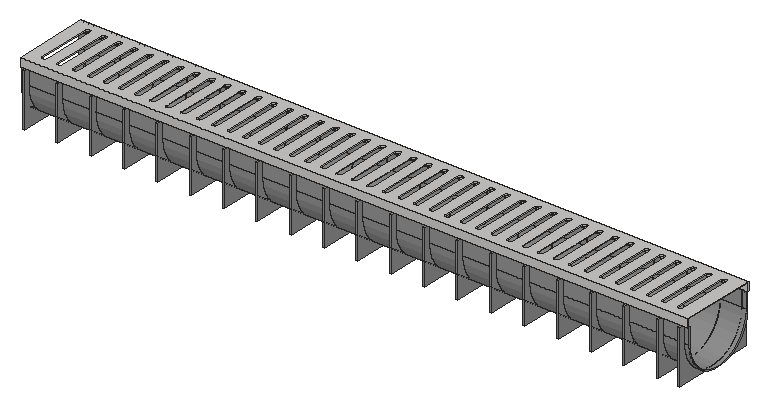
Revit family "PX_SEQ-EXT-Surface-4All-Channel_And_Galv-Steel-Grate-1m_PC033098", category Plumbing Fixtures, Revit 2016
Family settings
  Part Type = Normal
  Round Connector Dimension = Use Diameter
  Work Plane-Based = No
  Always vertical = Yes
  Cut with Voids When Loaded = No
  Shared = No
  Room Calculation Point = No
Parameters (values of type "SEAQUAL 4All Channel & Galv Steel Grate 1m PC 033098")
  URL = "https://seaqual.co.za/collections/external-surface-drains/products/4all-channel-galvanised-steel-grate-1m-only"
  Type Comments = "4All Channel & Galv Steel Grate 1m"
  Tolani Civil Projects cc URL = "http://www.tcpbim.co.za"
  SS = SS
  PVC Black = PVC Black
  Note = "4All Channel & Grate 1m is perfect for selection in areas where a 3m Garage Pack would not be sufficient such as patios & \"stoeps\", around swimming pools & along garden / pedestrian pathways longer than three running meters. The loose Channels & Grates also carry vehicular weight up to 1.5T.\r\n\r\nGrate options include Black HD-PE and Galvanised Steel."
  Model = "033098"
  Manufacturer = "Seaqual"
  Made By = "Tolani Civil Projects cc"
Reference planes
  plane 1 "Center (Front/Back)": y = 0
  plane 2: z = 0
  plane 3 "Center (Left/Right)": x = 0
  plane 4: z = 12.6
  plane 5: y = 57
  plane 6: y = -57
  plane 7: x = 33.023
  plane 8: y = -40
  plane 9: y = 40
  plane 10: x = 9.767
  plane 11: x = -13.488
  plane 12: x = -36.744
  plane 13: z = -22.9
  plane 14: x = -60
  plane 15: x = 940
  plane 16: x = 102.791
  plane 17: x = 79.535
  plane 18: x = 56.279
  plane 19: x = 172.558
  plane 20: x = 149.302
  plane 21: x = 126.047
  plane 22: x = 242.326
  plane 23: x = 219.07
  plane 24: x = 195.814
  plane 25: x = 312.093
  plane 26: x = 288.837
  plane 27: x = 265.581
  plane 28: x = 381.86
  plane 29: x = 358.605
  plane 30: x = 335.349
  plane 31: x = 451.628
  plane 32: x = 428.372
  plane 33: x = 405.116
  plane 34: x = 521.395
  plane 35: x = 498.14
  plane 36: x = 474.884
  plane 37: x = 591.163
  plane 38: x = 567.907
  plane 39: x = 544.651
  plane 40: x = 660.93
  plane 41: x = 637.674
  plane 42: x = 614.419
  plane 43: x = 730.698
  plane 44: x = 707.442
  plane 45: x = 684.186
  plane 46: x = 800.465
  plane 47: x = 777.209
  plane 48: x = 753.953
  plane 49: x = 870.233
  plane 50: x = 846.977
  plane 51: x = 823.721
  plane 52: x = 916.744
  plane 53: x = 893.488
  plane 54: x = -52.5
  plane 55: x = 932.5
  plane 56: x = -49.552
  plane 57: x = -2.5
  plane 58: x = 0.448
  plane 59: x = 47.5
  plane 60: x = 50.448
  plane 61: x = 97.5
  plane 62: x = 100.448
  plane 63: x = 147.5
  plane 64: x = 150.448
  plane 65: x = 197.5
  plane 66: x = 200.448
  plane 67: x = 247.5
  plane 68: x = 250.448
  plane 69: x = 297.5
  plane 70: x = 300.448
  plane 71: x = 347.5
  plane 72: x = 350.448
  plane 73: x = 397.5
  plane 74: x = 400.448
  plane 75: x = 447.5
  plane 76: x = 450.448
  plane 77: x = 497.5
  plane 78: x = 500.448
  plane 79: x = 547.5
  plane 80: x = 550.448
  plane 81: x = 597.5
  plane 82: x = 600.448
  plane 83: x = 647.5
  plane 84: x = 650.448
  plane 85: x = 697.5
  plane 86: x = 700.448
  plane 87: x = 747.5
  plane 88: x = 750.448
  plane 89: x = 797.5
  plane 90: x = 800.448
  plane 91: x = 847.5
  plane 92: x = 850.448
  plane 93: x = 897.5
  plane 94: x = 900.448
  plane 95: x = 929.552
  plane 96: x = 932.5
Forms (mm)
  Extrusion 1, solid, material "SS" <- "SS"
    sketch origin (0, 0, 0) x (0, 1, 0) y (0, 0, 1)
      loop
        line (-57, 12.6) -> (-57, 0) -> (-56, 0) -> (-56, 11.6) -> (56, 11.6) -> (56, 0) -> (57, 0) -> (57, 12.6) -> (-57, 12.6)
    from -60 to 940
  Extrusion 2, void
    sketch origin (0, 0, 0) x (1, 0, 0) y (0, 1, 0)
      loop
        arc (37.023, 40) -> (33.023, 44) -> (29.023, 40) r 4
        line (29.023, 40) -> (29.023, -40)
        arc (29.023, -40) -> (33.023, -44) -> (37.023, -40) r 4
        line (37.023, -40) -> (37.023, 40)
      loop
        arc (13.767, 40) -> (9.767, 44) -> (5.767, 40) r 4
        line (5.767, 40) -> (5.767, -40)
        arc (5.767, -40) -> (9.767, -44) -> (13.767, -40) r 4
        line (13.767, -40) -> (13.767, 40)
      loop
        arc (-9.488, 40) -> (-13.488, 44) -> (-17.488, 40) r 4
        line (-17.488, 40) -> (-17.488, -40)
        arc (-17.488, -40) -> (-13.488, -44) -> (-9.488, -40) r 4
        line (-9.488, -40) -> (-9.488, 40)
      loop
        arc (-32.744, 40) -> (-36.744, 44) -> (-40.744, 40) r 4
        line (-40.744, 40) -> (-40.744, -40)
        arc (-40.744, -40) -> (-36.744, -44) -> (-32.744, -40) r 4
        line (-32.744, -40) -> (-32.744, 40)
      loop
        arc (106.791, 40) -> (102.791, 44) -> (98.791, 40) r 4
        line (98.791, 40) -> (98.791, -40)
        arc (98.791, -40) -> (102.791, -44) -> (106.791, -40) r 4
        line (106.791, -40) -> (106.791, 40)
      loop
        arc (83.535, 40) -> (79.535, 44) -> (75.535, 40) r 4
        line (75.535, 40) -> (75.535, -40)
        arc (75.535, -40) -> (79.535, -44) -> (83.535, -40) r 4
        line (83.535, -40) -> (83.535, 40)
      loop
        arc (60.279, 40) -> (56.279, 44) -> (52.279, 40) r 4
        line (52.279, 40) -> (52.279, -40)
        arc (52.279, -40) -> (56.279, -44) -> (60.279, -40) r 4
        line (60.279, -40) -> (60.279, 40)
      loop
        arc (176.558, 40) -> (172.558, 44) -> (168.558, 40) r 4
        line (168.558, 40) -> (168.558, -40)
        arc (168.558, -40) -> (172.558, -44) -> (176.558, -40) r 4
        line (176.558, -40) -> (176.558, 40)
      loop
        arc (153.302, 40) -> (149.302, 44) -> (145.302, 40) r 4
        line (145.302, 40) -> (145.302, -40)
        arc (145.302, -40) -> (149.302, -44) -> (153.302, -40) r 4
        line (153.302, -40) -> (153.302, 40)
      loop
        arc (130.047, 40) -> (126.047, 44) -> (122.047, 40) r 4
        line (122.047, 40) -> (122.047, -40)
        arc (122.047, -40) -> (126.047, -44) -> (130.047, -40) r 4
        line (130.047, -40) -> (130.047, 40)
      loop
        arc (246.326, 40) -> (242.326, 44) -> (238.326, 40) r 4
        line (238.326, 40) -> (238.326, -40)
        arc (238.326, -40) -> (242.326, -44) -> (246.326, -40) r 4
        line (246.326, -40) -> (246.326, 40)
      loop
        arc (223.07, 40) -> (219.07, 44) -> (215.07, 40) r 4
        line (215.07, 40) -> (215.07, -40)
        arc (215.07, -40) -> (219.07, -44) -> (223.07, -40) r 4
        line (223.07, -40) -> (223.07, 40)
      loop
        arc (199.814, 40) -> (195.814, 44) -> (191.814, 40) r 4
        line (191.814, 40) -> (191.814, -40)
        arc (191.814, -40) -> (195.814, -44) -> (199.814, -40) r 4
        line (199.814, -40) -> (199.814, 40)
      loop
        arc (316.093, 40) -> (312.093, 44) -> (308.093, 40) r 4
        line (308.093, 40) -> (308.093, -40)
        arc (308.093, -40) -> (312.093, -44) -> (316.093, -40) r 4
        line (316.093, -40) -> (316.093, 40)
      loop
        arc (292.837, 40) -> (288.837, 44) -> (284.837, 40) r 4
        line (284.837, 40) -> (284.837, -40)
        arc (284.837, -40) -> (288.837, -44) -> (292.837, -40) r 4
        line (292.837, -40) -> (292.837, 40)
      loop
        arc (269.581, 40) -> (265.581, 44) -> (261.581, 40) r 4
        line (261.581, 40) -> (261.581, -40)
        arc (261.581, -40) -> (265.581, -44) -> (269.581, -40) r 4
        line (269.581, -40) -> (269.581, 40)
      loop
        arc (385.86, 40) -> (381.86, 44) -> (377.86, 40) r 4
        line (377.86, 40) -> (377.86, -40)
        arc (377.86, -40) -> (381.86, -44) -> (385.86, -40) r 4
        line (385.86, -40) -> (385.86, 40)
      loop
        arc (362.605, 40) -> (358.605, 44) -> (354.605, 40) r 4
        line (354.605, 40) -> (354.605, -40)
        arc (354.605, -40) -> (358.605, -44) -> (362.605, -40) r 4
        line (362.605, -40) -> (362.605, 40)
      loop
        arc (339.349, 40) -> (335.349, 44) -> (331.349, 40) r 4
        line (331.349, 40) -> (331.349, -40)
        arc (331.349, -40) -> (335.349, -44) -> (339.349, -40) r 4
        line (339.349, -40) -> (339.349, 40)
      loop
        arc (455.628, 40) -> (451.628, 44) -> (447.628, 40) r 4
        line (447.628, 40) -> (447.628, -40)
        arc (447.628, -40) -> (451.628, -44) -> (455.628, -40) r 4
        line (455.628, -40) -> (455.628, 40)
      loop
        arc (432.372, 40) -> (428.372, 44) -> (424.372, 40) r 4
        line (424.372, 40) -> (424.372, -40)
        arc (424.372, -40) -> (428.372, -44) -> (432.372, -40) r 4
        line (432.372, -40) -> (432.372, 40)
      loop
        arc (409.116, 40) -> (405.116, 44) -> (401.116, 40) r 4
        line (401.116, 40) -> (401.116, -40)
        arc (401.116, -40) -> (405.116, -44) -> (409.116, -40) r 4
        line (409.116, -40) -> (409.116, 40)
      loop
        arc (525.395, 40) -> (521.395, 44) -> (517.395, 40) r 4
        line (517.395, 40) -> (517.395, -40)
        arc (517.395, -40) -> (521.395, -44) -> (525.395, -40) r 4
        line (525.395, -40) -> (525.395, 40)
      loop
        arc (502.14, 40) -> (498.14, 44) -> (494.14, 40) r 4
        line (494.14, 40) -> (494.14, -40)
        arc (494.14, -40) -> (498.14, -44) -> (502.14, -40) r 4
        line (502.14, -40) -> (502.14, 40)
      loop
        arc (478.884, 40) -> (474.884, 44) -> (470.884, 40) r 4
        line (470.884, 40) -> (470.884, -40)
        arc (470.884, -40) -> (474.884, -44) -> (478.884, -40) r 4
        line (478.884, -40) -> (478.884, 40)
      loop
        arc (595.163, 40) -> (591.163, 44) -> (587.163, 40) r 4
        line (587.163, 40) -> (587.163, -40)
        arc (587.163, -40) -> (591.163, -44) -> (595.163, -40) r 4
        line (595.163, -40) -> (595.163, 40)
      loop
        arc (571.907, 40) -> (567.907, 44) -> (563.907, 40) r 4
        line (563.907, 40) -> (563.907, -40)
        arc (563.907, -40) -> (567.907, -44) -> (571.907, -40) r 4
        line (571.907, -40) -> (571.907, 40)
      loop
        arc (548.651, 40) -> (544.651, 44) -> (540.651, 40) r 4
        line (540.651, 40) -> (540.651, -40)
        arc (540.651, -40) -> (544.651, -44) -> (548.651, -40) r 4
        line (548.651, -40) -> (548.651, 40)
      loop
        arc (664.93, 40) -> (660.93, 44) -> (656.93, 40) r 4
        line (656.93, 40) -> (656.93, -40)
        arc (656.93, -40) -> (660.93, -44) -> (664.93, -40) r 4
        line (664.93, -40) -> (664.93, 40)
      loop
        arc (641.674, 40) -> (637.674, 44) -> (633.674, 40) r 4
        line (633.674, 40) -> (633.674, -40)
        arc (633.674, -40) -> (637.674, -44) -> (641.674, -40) r 4
        line (641.674, -40) -> (641.674, 40)
      loop
        arc (618.419, 40) -> (614.419, 44) -> (610.419, 40) r 4
        line (610.419, 40) -> (610.419, -40)
        arc (610.419, -40) -> (614.419, -44) -> (618.419, -40) r 4
        line (618.419, -40) -> (618.419, 40)
      loop
        arc (734.698, 40) -> (730.698, 44) -> (726.698, 40) r 4
        line (726.698, 40) -> (726.698, -40)
        arc (726.698, -40) -> (730.698, -44) -> (734.698, -40) r 4
        line (734.698, -40) -> (734.698, 40)
      loop
        arc (711.442, 40) -> (707.442, 44) -> (703.442, 40) r 4
        line (703.442, 40) -> (703.442, -40)
        arc (703.442, -40) -> (707.442, -44) -> (711.442, -40) r 4
        line (711.442, -40) -> (711.442, 40)
      loop
        arc (688.186, 40) -> (684.186, 44) -> (680.186, 40) r 4
        line (680.186, 40) -> (680.186, -40)
        arc (680.186, -40) -> (684.186, -44) -> (688.186, -40) r 4
        line (688.186, -40) -> (688.186, 40)
      loop
        arc (804.465, 40) -> (800.465, 44) -> (796.465, 40) r 4
        line (796.465, 40) -> (796.465, -40)
        arc (796.465, -40) -> (800.465, -44) -> (804.465, -40) r 4
        line (804.465, -40) -> (804.465, 40)
      loop
        arc (781.209, 40) -> (777.209, 44) -> (773.209, 40) r 4
        line (773.209, 40) -> (773.209, -40)
        arc (773.209, -40) -> (777.209, -44) -> (781.209, -40) r 4
        line (781.209, -40) -> (781.209, 40)
      loop
        arc (757.953, 40) -> (753.953, 44) -> (749.953, 40) r 4
        line (749.953, 40) -> (749.953, -40)
        arc (749.953, -40) -> (753.953, -44) -> (757.953, -40) r 4
        line (757.953, -40) -> (757.953, 40)
      loop
        arc (874.233, 40) -> (870.233, 44) -> (866.233, 40) r 4
        line (866.233, 40) -> (866.233, -40)
        arc (866.233, -40) -> (870.233, -44) -> (874.233, -40) r 4
        line (874.233, -40) -> (874.233, 40)
      loop
        arc (850.977, 40) -> (846.977, 44) -> (842.977, 40) r 4
        line (842.977, 40) -> (842.977, -40)
        arc (842.977, -40) -> (846.977, -44) -> (850.977, -40) r 4
        line (850.977, -40) -> (850.977, 40)
      loop
        arc (827.721, 40) -> (823.721, 44) -> (819.721, 40) r 4
        line (819.721, 40) -> (819.721, -40)
        arc (819.721, -40) -> (823.721, -44) -> (827.721, -40) r 4
        line (827.721, -40) -> (827.721, 40)
      loop
        arc (920.744, 40) -> (916.744, 44) -> (912.744, 40) r 4
        line (912.744, 40) -> (912.744, -40)
        arc (912.744, -40) -> (916.744, -44) -> (920.744, -40) r 4
        line (920.744, -40) -> (920.744, 40)
      loop
        arc (897.488, 40) -> (893.488, 44) -> (889.488, 40) r 4
        line (889.488, 40) -> (889.488, -40)
        arc (889.488, -40) -> (893.488, -44) -> (897.488, -40) r 4
        line (897.488, -40) -> (897.488, 40)
    from 11.6 to 12.6
  Extrusion 3, solid, material "PVC Black" <- "PVC Black"
    sketch origin (0, 0, 0) x (0, 1, 0) y (0, 0, 1)
      loop
        arc (-54.5, -22.9) -> (0, -77.4) -> (54.5, -22.9) r 54.5
        line (54.5, -22.9) -> (54.5, 0) -> (53.5, 0) -> (53.5, -22.9)
        arc (53.5, -22.9) -> (0, -76.4) -> (-53.5, -22.9) r 53.5
        line (-53.5, -22.9) -> (-53.5, 0) -> (-54.5, 0) -> (-54.5, -22.9)
    from -60 to 940
  Extrusion 4, solid, material "PVC Black" <- "PVC Black"
    sketch origin (0, 0, 0) x (0, 1, 0) y (0, 0, 1)
      loop
        line (62, -78.732) -> (62, 0) -> (54.5, 0) -> (54.5, -22.9)
        arc (54.5, -22.9) -> (0, -77.4) -> (-54.5, -22.9) r 54.5
        line (-54.5, -22.9) -> (-54.5, 0) -> (-62, 0) -> (-62, -78.732) -> (62, -78.732)
    from -52.5 to -49.552
  Extrusion 5, solid, material "PVC Black" <- "PVC Black"
    sketch origin (50, 0, 0) x (0, 1, 0) y (0, 0, 1)
      loop
        line (62, -78.732) -> (62, 0) -> (54.5, 0) -> (54.5, -22.9)
        arc (54.5, -22.9) -> (0, -77.4) -> (-54.5, -22.9) r 54.5
        line (-54.5, -22.9) -> (-54.5, 0) -> (-62, 0) -> (-62, -78.732) -> (62, -78.732)
    from -52.5 to -49.552
  Extrusion 6, solid, material "PVC Black" <- "PVC Black"
    sketch origin (100, 0, 0) x (0, 1, 0) y (0, 0, 1)
      loop
        line (62, -78.732) -> (62, 0) -> (54.5, 0) -> (54.5, -22.9)
        arc (54.5, -22.9) -> (0, -77.4) -> (-54.5, -22.9) r 54.5
        line (-54.5, -22.9) -> (-54.5, 0) -> (-62, 0) -> (-62, -78.732) -> (62, -78.732)
    from -52.5 to -49.552
  Extrusion 7, solid, material "PVC Black" <- "PVC Black"
    sketch origin (150, 0, 0) x (0, 1, 0) y (0, 0, 1)
      loop
        line (62, -78.732) -> (62, 0) -> (54.5, 0) -> (54.5, -22.9)
        arc (54.5, -22.9) -> (0, -77.4) -> (-54.5, -22.9) r 54.5
        line (-54.5, -22.9) -> (-54.5, 0) -> (-62, 0) -> (-62, -78.732) -> (62, -78.732)
    from -52.5 to -49.552
  Extrusion 8, solid, material "PVC Black" <- "PVC Black"
    sketch origin (200, 0, 0) x (0, 1, 0) y (0, 0, 1)
      loop
        line (62, -78.732) -> (62, 0) -> (54.5, 0) -> (54.5, -22.9)
        arc (54.5, -22.9) -> (0, -77.4) -> (-54.5, -22.9) r 54.5
        line (-54.5, -22.9) -> (-54.5, 0) -> (-62, 0) -> (-62, -78.732) -> (62, -78.732)
    from -52.5 to -49.552
  Extrusion 9, solid, material "PVC Black" <- "PVC Black"
    sketch origin (250, 0, 0) x (0, 1, 0) y (0, 0, 1)
      loop
        line (62, -78.732) -> (62, 0) -> (54.5, 0) -> (54.5, -22.9)
        arc (54.5, -22.9) -> (0, -77.4) -> (-54.5, -22.9) r 54.5
        line (-54.5, -22.9) -> (-54.5, 0) -> (-62, 0) -> (-62, -78.732) -> (62, -78.732)
    from -52.5 to -49.552
  Extrusion 10, solid, material "PVC Black" <- "PVC Black"
    sketch origin (300, 0, 0) x (0, 1, 0) y (0, 0, 1)
      loop
        line (62, -78.732) -> (62, 0) -> (54.5, 0) -> (54.5, -22.9)
        arc (54.5, -22.9) -> (0, -77.4) -> (-54.5, -22.9) r 54.5
        line (-54.5, -22.9) -> (-54.5, 0) -> (-62, 0) -> (-62, -78.732) -> (62, -78.732)
    from -52.5 to -49.552
  Extrusion 11, solid, material "PVC Black" <- "PVC Black"
    sketch origin (350, 0, 0) x (0, 1, 0) y (0, 0, 1)
      loop
        line (62, -78.732) -> (62, 0) -> (54.5, 0) -> (54.5, -22.9)
        arc (54.5, -22.9) -> (0, -77.4) -> (-54.5, -22.9) r 54.5
        line (-54.5, -22.9) -> (-54.5, 0) -> (-62, 0) -> (-62, -78.732) -> (62, -78.732)
    from -52.5 to -49.552
  Extrusion 12, solid, material "PVC Black" <- "PVC Black"
    sketch origin (400, 0, 0) x (0, 1, 0) y (0, 0, 1)
      loop
        line (62, -78.732) -> (62, 0) -> (54.5, 0) -> (54.5, -22.9)
        arc (54.5, -22.9) -> (0, -77.4) -> (-54.5, -22.9) r 54.5
        line (-54.5, -22.9) -> (-54.5, 0) -> (-62, 0) -> (-62, -78.732) -> (62, -78.732)
    from -52.5 to -49.552
  Extrusion 13, solid, material "PVC Black" <- "PVC Black"
    sketch origin (450, 0, 0) x (0, 1, 0) y (0, 0, 1)
      loop
        line (62, -78.732) -> (62, 0) -> (54.5, 0) -> (54.5, -22.9)
        arc (54.5, -22.9) -> (0, -77.4) -> (-54.5, -22.9) r 54.5
        line (-54.5, -22.9) -> (-54.5, 0) -> (-62, 0) -> (-62, -78.732) -> (62, -78.732)
    from -52.5 to -49.552
  Extrusion 14, solid, material "PVC Black" <- "PVC Black"
    sketch origin (500, 0, 0) x (0, 1, 0) y (0, 0, 1)
      loop
        line (62, -78.732) -> (62, 0) -> (54.5, 0) -> (54.5, -22.9)
        arc (54.5, -22.9) -> (0, -77.4) -> (-54.5, -22.9) r 54.5
        line (-54.5, -22.9) -> (-54.5, 0) -> (-62, 0) -> (-62, -78.732) -> (62, -78.732)
    from -52.5 to -49.552
  Extrusion 15, solid, material "PVC Black" <- "PVC Black"
    sketch origin (550, 0, 0) x (0, 1, 0) y (0, 0, 1)
      loop
        line (62, -78.732) -> (62, 0) -> (54.5, 0) -> (54.5, -22.9)
        arc (54.5, -22.9) -> (0, -77.4) -> (-54.5, -22.9) r 54.5
        line (-54.5, -22.9) -> (-54.5, 0) -> (-62, 0) -> (-62, -78.732) -> (62, -78.732)
    from -52.5 to -49.552
  Extrusion 16, solid, material "PVC Black" <- "PVC Black"
    sketch origin (600, 0, 0) x (0, 1, 0) y (0, 0, 1)
      loop
        line (62, -78.732) -> (62, 0) -> (54.5, 0) -> (54.5, -22.9)
        arc (54.5, -22.9) -> (0, -77.4) -> (-54.5, -22.9) r 54.5
        line (-54.5, -22.9) -> (-54.5, 0) -> (-62, 0) -> (-62, -78.732) -> (62, -78.732)
    from -52.5 to -49.552
  Extrusion 17, solid, material "PVC Black" <- "PVC Black"
    sketch origin (650, 0, 0) x (0, 1, 0) y (0, 0, 1)
      loop
        line (62, -78.732) -> (62, 0) -> (54.5, 0) -> (54.5, -22.9)
        arc (54.5, -22.9) -> (0, -77.4) -> (-54.5, -22.9) r 54.5
        line (-54.5, -22.9) -> (-54.5, 0) -> (-62, 0) -> (-62, -78.732) -> (62, -78.732)
    from -52.5 to -49.552
  Extrusion 18, solid, material "PVC Black" <- "PVC Black"
    sketch origin (700, 0, 0) x (0, 1, 0) y (0, 0, 1)
      loop
        line (62, -78.732) -> (62, 0) -> (54.5, 0) -> (54.5, -22.9)
        arc (54.5, -22.9) -> (0, -77.4) -> (-54.5, -22.9) r 54.5
        line (-54.5, -22.9) -> (-54.5, 0) -> (-62, 0) -> (-62, -78.732) -> (62, -78.732)
    from -52.5 to -49.552
  Extrusion 19, solid, material "PVC Black" <- "PVC Black"
    sketch origin (750, 0, 0) x (0, 1, 0) y (0, 0, 1)
      loop
        line (62, -78.732) -> (62, 0) -> (54.5, 0) -> (54.5, -22.9)
        arc (54.5, -22.9) -> (0, -77.4) -> (-54.5, -22.9) r 54.5
        line (-54.5, -22.9) -> (-54.5, 0) -> (-62, 0) -> (-62, -78.732) -> (62, -78.732)
    from -52.5 to -49.552
  Extrusion 20, solid, material "PVC Black" <- "PVC Black"
    sketch origin (800, 0, 0) x (0, 1, 0) y (0, 0, 1)
      loop
        line (62, -78.732) -> (62, 0) -> (54.5, 0) -> (54.5, -22.9)
        arc (54.5, -22.9) -> (0, -77.4) -> (-54.5, -22.9) r 54.5
        line (-54.5, -22.9) -> (-54.5, 0) -> (-62, 0) -> (-62, -78.732) -> (62, -78.732)
    from -52.5 to -49.552
  Extrusion 21, solid, material "PVC Black" <- "PVC Black"
    sketch origin (850, 0, 0) x (0, 1, 0) y (0, 0, 1)
      loop
        line (62, -78.732) -> (62, 0) -> (54.5, 0) -> (54.5, -22.9)
        arc (54.5, -22.9) -> (0, -77.4) -> (-54.5, -22.9) r 54.5
        line (-54.5, -22.9) -> (-54.5, 0) -> (-62, 0) -> (-62, -78.732) -> (62, -78.732)
    from -52.5 to -49.552
  Extrusion 22, solid, material "PVC Black" <- "PVC Black"
    sketch origin (900, 0, 0) x (0, 1, 0) y (0, 0, 1)
      loop
        line (62, -78.732) -> (62, 0) -> (54.5, 0) -> (54.5, -22.9)
        arc (54.5, -22.9) -> (0, -77.4) -> (-54.5, -22.9) r 54.5
        line (-54.5, -22.9) -> (-54.5, 0) -> (-62, 0) -> (-62, -78.732) -> (62, -78.732)
    from -52.5 to -49.552
  Extrusion 23, solid, material "PVC Black" <- "PVC Black"
    sketch origin (950, 0, 0) x (0, 1, 0) y (0, 0, 1)
      loop
        line (62, -78.732) -> (62, 0) -> (54.5, 0) -> (54.5, -22.9)
        arc (54.5, -22.9) -> (0, -77.4) -> (-54.5, -22.9) r 54.5
        line (-54.5, -22.9) -> (-54.5, 0) -> (-62, 0) -> (-62, -78.732) -> (62, -78.732)
    from -52.5 to -49.552
  Extrusion 24, solid, material "PVC Black" <- "PVC Black"
    sketch origin (1000, 0, 0) x (0, 1, 0) y (0, 0, 1)
      loop
        line (62, -78.732) -> (62, 0) -> (54.5, 0) -> (54.5, -22.9)
        arc (54.5, -22.9) -> (0, -77.4) -> (-54.5, -22.9) r 54.5
        line (-54.5, -22.9) -> (-54.5, 0) -> (-62, 0) -> (-62, -78.732) -> (62, -78.732)
    from -70.448 to -67.5
Cuts and joins
  Extrusion 2 cuts Extrusion 1
Dimensions and locks
  plane 5 to plane 1 "Center (Front/Back)" to plane 6 = 57 mm locked, 57 mm locked
  locked: plane 4 to level at 12.6
  plane 5 to Extrusion 1 sketch curve to Extrusion 1 sketch curve to plane 6 = 1 mm locked, 112 mm locked, 1 mm locked
  locked: Extrusion 1 sketch curve to plane 4 at 1
  Extrusion 2 sketch curve to plane 7 to Extrusion 2 sketch curve = 4 mm locked, 4 mm locked
  Extrusion 2 sketch curve to plane 10 to Extrusion 2 sketch curve = 4 mm locked, 4 mm locked
  Extrusion 2 sketch curve to plane 11 to Extrusion 2 sketch curve = 4 mm locked, 4 mm locked
  Extrusion 2 sketch curve to plane 12 to Extrusion 2 sketch curve = 4 mm locked, 4 mm locked
  locked: level to plane 13 at 22.9
  Extrusion 3 sketch curve to Extrusion 3 sketch curve to plane 1 "Center (Front/Back)" to Extrusion 3 sketch curve to Extrusion 3 sketch curve = 1 mm locked, 53.5 mm locked, 53.5 mm locked, 1 mm locked
  locked: plane 3 "Center (Left/Right)" to plane 14 at 60
  locked: plane 15 to plane 14 at 1000
  Extrusion 2 sketch curve to plane 16 to Extrusion 2 sketch curve = 4 mm locked, 4 mm locked
  Extrusion 2 sketch curve to plane 17 to Extrusion 2 sketch curve = 4 mm locked, 4 mm locked
  Extrusion 2 sketch curve to plane 18 to Extrusion 2 sketch curve = 4 mm locked, 4 mm locked
  Extrusion 2 sketch curve to plane 19 to Extrusion 2 sketch curve = 4 mm locked, 4 mm locked
  Extrusion 2 sketch curve to plane 20 to Extrusion 2 sketch curve = 4 mm locked, 4 mm locked
  Extrusion 2 sketch curve to plane 21 to Extrusion 2 sketch curve = 4 mm locked, 4 mm locked
  Extrusion 2 sketch curve to plane 22 to Extrusion 2 sketch curve = 4 mm locked, 4 mm locked
  Extrusion 2 sketch curve to plane 23 to Extrusion 2 sketch curve = 4 mm locked, 4 mm locked
  Extrusion 2 sketch curve to plane 24 to Extrusion 2 sketch curve = 4 mm locked, 4 mm locked
  Extrusion 2 sketch curve to plane 25 to Extrusion 2 sketch curve = 4 mm locked, 4 mm locked
  Extrusion 2 sketch curve to plane 26 to Extrusion 2 sketch curve = 4 mm locked, 4 mm locked
  Extrusion 2 sketch curve to plane 27 to Extrusion 2 sketch curve = 4 mm locked, 4 mm locked
  Extrusion 2 sketch curve to plane 28 to Extrusion 2 sketch curve = 4 mm locked, 4 mm locked
  Extrusion 2 sketch curve to plane 29 to Extrusion 2 sketch curve = 4 mm locked, 4 mm locked
  Extrusion 2 sketch curve to plane 30 to Extrusion 2 sketch curve = 4 mm locked, 4 mm locked
  Extrusion 2 sketch curve to plane 31 to Extrusion 2 sketch curve = 4 mm locked, 4 mm locked
  Extrusion 2 sketch curve to plane 32 to Extrusion 2 sketch curve = 4 mm locked, 4 mm locked
  Extrusion 2 sketch curve to plane 33 to Extrusion 2 sketch curve = 4 mm locked, 4 mm locked
  Extrusion 2 sketch curve to plane 34 to Extrusion 2 sketch curve = 4 mm locked, 4 mm locked
  Extrusion 2 sketch curve to plane 35 to Extrusion 2 sketch curve = 4 mm locked, 4 mm locked
  Extrusion 2 sketch curve to plane 36 to Extrusion 2 sketch curve = 4 mm locked, 4 mm locked
  Extrusion 2 sketch curve to plane 37 to Extrusion 2 sketch curve = 4 mm locked, 4 mm locked
  Extrusion 2 sketch curve to plane 38 to Extrusion 2 sketch curve = 4 mm locked, 4 mm locked
  Extrusion 2 sketch curve to plane 39 to Extrusion 2 sketch curve = 4 mm locked, 4 mm locked
  Extrusion 2 sketch curve to plane 40 to Extrusion 2 sketch curve = 4 mm locked, 4 mm locked
  Extrusion 2 sketch curve to plane 41 to Extrusion 2 sketch curve = 4 mm locked, 4 mm locked
  Extrusion 2 sketch curve to plane 42 to Extrusion 2 sketch curve = 4 mm locked, 4 mm locked
  Extrusion 2 sketch curve to plane 43 to Extrusion 2 sketch curve = 4 mm locked, 4 mm locked
  Extrusion 2 sketch curve to plane 44 to Extrusion 2 sketch curve = 4 mm locked, 4 mm locked
  Extrusion 2 sketch curve to plane 45 to Extrusion 2 sketch curve = 4 mm locked, 4 mm locked
  Extrusion 2 sketch curve to plane 46 to Extrusion 2 sketch curve = 4 mm locked, 4 mm locked
  Extrusion 2 sketch curve to plane 47 to Extrusion 2 sketch curve = 4 mm locked, 4 mm locked
  Extrusion 2 sketch curve to plane 48 to Extrusion 2 sketch curve = 4 mm locked, 4 mm locked
  Extrusion 2 sketch curve to plane 49 to Extrusion 2 sketch curve = 4 mm locked, 4 mm locked
  Extrusion 2 sketch curve to plane 50 to Extrusion 2 sketch curve = 4 mm locked, 4 mm locked
  Extrusion 2 sketch curve to plane 51 to Extrusion 2 sketch curve = 4 mm locked, 4 mm locked
  Extrusion 2 sketch curve to plane 52 to Extrusion 2 sketch curve = 4 mm locked, 4 mm locked
  Extrusion 2 sketch curve to plane 53 to Extrusion 2 sketch curve = 4 mm locked, 4 mm locked
  equal spacing: plane 14, plane 12, plane 11, plane 10, plane 7, plane 18, plane 17, plane 16, plane 21, plane 20, plane 19, plane 24, plane 23, plane 22, plane 27, plane 26, plane 25, plane 30, plane 29, plane 28, plane 33, plane 32, plane 31, plane 36, plane 35, plane 34, plane 39, plane 38, plane 37, plane 42, plane 41, plane 40, plane 45, plane 44, plane 43, plane 48, plane 47, plane 46, plane 51, plane 50, plane 49, plane 53, plane 52, plane 15
  locked: cut or joined group of Extrusion 1, Extrusion 2 to Extrusion 4 sketch curve at 91.332
  locked: Extrusion 3 to Extrusion 4 sketch curve at 7.5
  locked: Extrusion 4 sketch curve to Extrusion 3 at 7.5
  locked: plane 54 to plane 14 at 7.5
  locked: plane 15 to plane 55 at 7.5
  locked: Extrusion 4 to plane 54 at 2.948
  locked: plane 54 to plane 56 at 2.948
  locked: Extrusion 5 to plane 57 at 2.948
  locked: plane 57 to plane 58 at 2.948
  locked: Extrusion 6 to plane 59 at 2.948
  locked: plane 59 to plane 60 at 2.948
  locked: Extrusion 7 to plane 61 at 2.948
  locked: plane 61 to plane 62 at 2.948
  locked: Extrusion 8 to plane 63 at 2.948
  locked: plane 63 to plane 64 at 2.948
  locked: Extrusion 9 to plane 65 at 2.948
  locked: plane 65 to plane 66 at 2.948
  locked: Extrusion 10 to plane 67 at 2.948
  locked: plane 67 to plane 68 at 2.948
  locked: Extrusion 11 to plane 69 at 2.948
  locked: plane 69 to plane 70 at 2.948
  locked: Extrusion 12 to plane 71 at 2.948
  locked: plane 71 to plane 72 at 2.948
  locked: Extrusion 13 to plane 73 at 2.948
  locked: plane 73 to plane 74 at 2.948
  locked: Extrusion 14 to plane 75 at 2.948
  locked: plane 75 to plane 76 at 2.948
  locked: Extrusion 15 to plane 77 at 2.948
  locked: plane 77 to plane 78 at 2.948
  locked: Extrusion 16 to plane 79 at 2.948
  locked: plane 79 to plane 80 at 2.948
  locked: Extrusion 17 to plane 81 at 2.948
  locked: plane 81 to plane 82 at 2.948
  locked: Extrusion 18 to plane 83 at 2.948
  locked: plane 83 to plane 84 at 2.948
  locked: Extrusion 19 to plane 85 at 2.948
  locked: plane 85 to plane 86 at 2.948
  locked: Extrusion 20 to plane 87 at 2.948
  locked: plane 87 to plane 88 at 2.948
  locked: Extrusion 21 to plane 89 at 2.948
  locked: plane 89 to plane 90 at 2.948
  locked: Extrusion 22 to plane 91 at 2.948
  locked: plane 91 to plane 92 at 2.948
  locked: Extrusion 23 to plane 93 at 2.948
  locked: plane 93 to plane 94 at 2.948
  locked: Extrusion 24 to plane 95 at 2.948
  locked: plane 95 to plane 96 at 2.948
  plane 14 to plane 57 to plane 59 to plane 61 to plane 63 to plane 65 to plane 67 to plane 69 to plane 71 to plane 73 to plane 75 to plane 77 to plane 79 to plane 81 to plane 83 to plane 85 to plane 87 to plane 89 to plane 91 to plane 93 = 57.5 mm locked, 50 mm locked, 50 mm locked, 50 mm locked, 50 mm locked, 50 mm locked, 50 mm locked, 50 mm locked, 50 mm locked, 50 mm locked, 50 mm locked, 50 mm locked, 50 mm locked, 50 mm locked, 50 mm locked, 50 mm locked, 50 mm locked, 50 mm locked, 50 mm locked
  aligned and locked: level to plane 2
  aligned and locked: plane 4 to Extrusion 1 sketch curve
  aligned and locked: plane 5 to Extrusion 1 sketch curve
  aligned and locked: Extrusion 1 sketch curve to plane 6
  aligned and locked: level to Extrusion 1 sketch curve  (x2)
  aligned and locked: Extrusion 1 sketch curve to level
  aligned and locked: plane 7 to Extrusion 2 sketch curve  (x2)
  aligned and locked: plane 8 to Extrusion 2 sketch curve  (x4)
  aligned and locked: plane 9 to Extrusion 2 sketch curve  (x4)
  aligned and locked: plane 10 to Extrusion 2 sketch curve  (x2)
  aligned and locked: plane 11 to Extrusion 2 sketch curve  (x2)
  aligned and locked: plane 12 to Extrusion 2 sketch curve  (x2)
  aligned and locked: Extrusion 1 to Extrusion 2  (x2)
  aligned and locked: plane 13 to Extrusion 3 sketch curve  (x2)
  aligned and locked: plane 1 "Center (Front/Back)" to Extrusion 3 sketch curve  (x2)
  aligned and locked: cut or joined group of Extrusion 1, Extrusion 2 to Extrusion 3
  aligned and locked: plane 14 to Extrusion 3
  aligned and locked: cut or joined group of Extrusion 1, Extrusion 2 to plane 14
  aligned and locked: plane 15 to Extrusion 3
  aligned and locked: plane 15 to cut or joined group of Extrusion 1, Extrusion 2
  aligned and locked: plane 16 to Extrusion 2 sketch curve  (x2)
  aligned and locked: plane 17 to Extrusion 2 sketch curve  (x2)
  aligned and locked: plane 18 to Extrusion 2 sketch curve  (x2)
  aligned and locked: plane 19 to Extrusion 2 sketch curve  (x2)
  aligned and locked: plane 20 to Extrusion 2 sketch curve  (x2)
  aligned and locked: plane 21 to Extrusion 2 sketch curve  (x2)
  aligned and locked: plane 22 to Extrusion 2 sketch curve  (x2)
  aligned and locked: plane 23 to Extrusion 2 sketch curve  (x2)
  aligned and locked: plane 24 to Extrusion 2 sketch curve  (x2)
  aligned and locked: plane 25 to Extrusion 2 sketch curve  (x2)
  aligned and locked: plane 26 to Extrusion 2 sketch curve  (x2)
  aligned and locked: plane 27 to Extrusion 2 sketch curve  (x2)
  aligned and locked: plane 28 to Extrusion 2 sketch curve  (x2)
  aligned and locked: plane 29 to Extrusion 2 sketch curve  (x2)
  aligned and locked: plane 30 to Extrusion 2 sketch curve  (x2)
  aligned and locked: plane 31 to Extrusion 2 sketch curve  (x2)
  aligned and locked: plane 32 to Extrusion 2 sketch curve  (x2)
  aligned and locked: plane 33 to Extrusion 2 sketch curve  (x2)
  aligned and locked: plane 34 to Extrusion 2 sketch curve  (x2)
  aligned and locked: plane 35 to Extrusion 2 sketch curve  (x2)
  aligned and locked: plane 36 to Extrusion 2 sketch curve  (x2)
  aligned and locked: plane 37 to Extrusion 2 sketch curve  (x2)
  aligned and locked: plane 38 to Extrusion 2 sketch curve  (x2)
  aligned and locked: plane 39 to Extrusion 2 sketch curve  (x2)
  aligned and locked: plane 40 to Extrusion 2 sketch curve  (x2)
  aligned and locked: plane 41 to Extrusion 2 sketch curve  (x2)
  aligned and locked: plane 42 to Extrusion 2 sketch curve  (x2)
  aligned and locked: plane 43 to Extrusion 2 sketch curve  (x2)
  aligned and locked: plane 44 to Extrusion 2 sketch curve  (x2)
  aligned and locked: plane 45 to Extrusion 2 sketch curve  (x2)
  aligned and locked: plane 46 to Extrusion 2 sketch curve  (x2)
  aligned and locked: plane 47 to Extrusion 2 sketch curve  (x2)
  aligned and locked: plane 48 to Extrusion 2 sketch curve  (x2)
  aligned and locked: plane 49 to Extrusion 2 sketch curve  (x2)
  aligned and locked: plane 50 to Extrusion 2 sketch curve  (x2)
  aligned and locked: plane 51 to Extrusion 2 sketch curve  (x2)
  aligned and locked: plane 52 to Extrusion 2 sketch curve  (x2)
  aligned and locked: plane 53 to Extrusion 2 sketch curve  (x2)
  aligned and locked: level to Extrusion 4 sketch curve  (x3)
  aligned and locked: Extrusion 4 sketch curve to Extrusion 3  (x3)
  aligned and locked: Extrusion 4 sketch curve to level
  aligned and locked: Extrusion 4 to plane 54
  aligned and locked: plane 56 to Extrusion 4
  aligned and locked: Extrusion 5 to plane 57
  aligned and locked: plane 58 to Extrusion 5
  aligned and locked: Extrusion 6 to plane 59
  aligned and locked: plane 60 to Extrusion 6
  aligned and locked: Extrusion 7 to plane 61
  aligned and locked: plane 62 to Extrusion 7
  aligned and locked: Extrusion 8 to plane 63
  aligned and locked: plane 64 to Extrusion 8
  aligned and locked: Extrusion 9 to plane 65
  aligned and locked: plane 66 to Extrusion 9
  aligned and locked: Extrusion 10 to plane 67
  aligned and locked: plane 68 to Extrusion 10
  aligned and locked: Extrusion 11 to plane 69
  aligned and locked: plane 70 to Extrusion 11
  aligned and locked: Extrusion 12 to plane 71
  aligned and locked: plane 72 to Extrusion 12
  aligned and locked: Extrusion 13 to plane 73
  aligned and locked: plane 74 to Extrusion 13
  aligned and locked: Extrusion 14 to plane 75
  aligned and locked: plane 76 to Extrusion 14
  aligned and locked: Extrusion 15 to plane 77
  aligned and locked: plane 78 to Extrusion 15
  aligned and locked: Extrusion 16 to plane 79
  aligned and locked: plane 80 to Extrusion 16
  aligned and locked: Extrusion 17 to plane 81
  aligned and locked: plane 82 to Extrusion 17
  aligned and locked: Extrusion 18 to plane 83
  aligned and locked: plane 84 to Extrusion 18
  aligned and locked: Extrusion 19 to plane 85
  aligned and locked: plane 86 to Extrusion 19
  aligned and locked: Extrusion 20 to plane 87
  aligned and locked: plane 88 to Extrusion 20
  aligned and locked: Extrusion 21 to plane 89
  aligned and locked: plane 90 to Extrusion 21
  aligned and locked: Extrusion 22 to plane 91
  aligned and locked: plane 92 to Extrusion 22
  aligned and locked: Extrusion 23 to plane 93
  aligned and locked: plane 94 to Extrusion 23
  aligned and locked: Extrusion 24 to plane 95
  aligned and locked: plane 96 to Extrusion 24
  aligned and locked: plane 96 to plane 55
